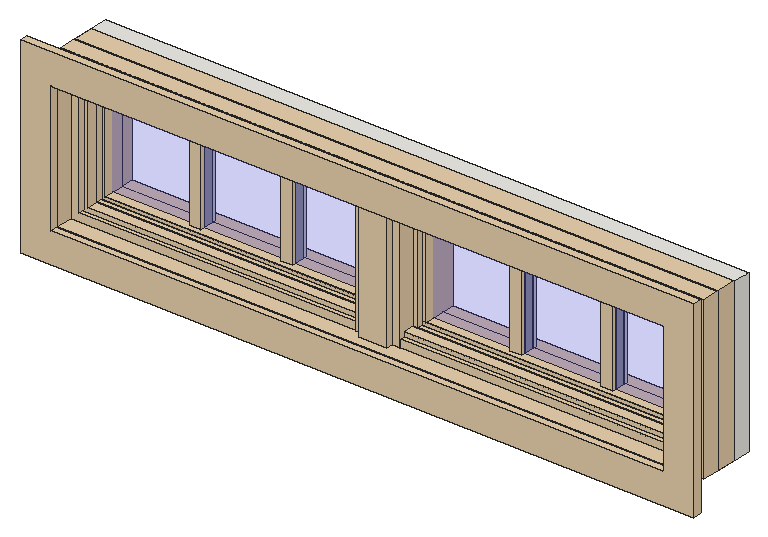
Revit family "1 Window-Transom_Fixed-Andersen-400_Series_Twin", category Windows, host Wall, Revit 2014 (continued)
Dimensions and locks (in)
  aligned and locked: plane 17 "L Casing 4" to Extrusion 7 sketch curve
  aligned and locked: Extrusion 7 sketch curve to plane 22 "R Casing 1"
  aligned and locked: Extrusion 7 sketch curve to plane 27 "R Casing 4"
  aligned and locked: Extrusion 7 sketch curve to plane 41 "B Casing 2"
  aligned and locked: plane 44 "Casing S1" to Extrusion 7
  aligned and locked: plane 47 "Flange" to Extrusion 7
  aligned and locked: plane 8 "L Glazing" to Extrusion 8 sketch curve
  aligned and locked: Extrusion 8 sketch curve to plane 18 "R Glazing"
  aligned and locked: Extrusion 8 to plane 48 "Sash1 S2"
  aligned and locked: Extrusion 5 sketch curve to plane 47 "Flange"
  aligned and locked: host wall to Masking region 7 sketch curve
  aligned and locked: plane 4 "R Frame" to Masking region 7 sketch curve
  aligned and locked: Masking region 7 sketch curve to plane 5 "L Frame"
  aligned and locked: plane 51 "Exterior Offset" to Masking region 7 sketch curve
  aligned and locked: plane 27 "R Casing 4" to Masking region 7 sketch curve
  aligned and locked: Masking region 7 sketch curve to plane 17 "L Casing 4"
  aligned and locked: host wall to curve 8
  aligned and locked: plane 7 "T Frame" to Extrusion 9 sketch curve
  aligned and locked: Extrusion 9 sketch curve to plane 4 "R Frame"
  aligned and locked: Extrusion 9 sketch curve to plane 6 "B Frame"
  aligned and locked: plane 5 "L Frame" to Extrusion 9 sketch curve
  aligned and locked: plane 29 "T Ext Frame" to Extrusion 9 sketch curve
  aligned and locked: Extrusion 9 sketch curve to plane 19 "R Ext Frame"
  aligned and locked: plane 9 "L Ext Frame" to Extrusion 9 sketch curve
  aligned and locked: Extrusion 9 sketch curve to plane 38 "B Ext Frame"
  aligned and locked: plane 46 "Frame S1" to Extrusion 9
  aligned and locked: plane 49 "Frame S2" to Masking region 1 sketch curve
  aligned and locked: Masking region 1 sketch curve to plane 49 "Frame S2"
  aligned and locked: plane 60 "Stop S1" to Masking region 4 sketch curve
  aligned and locked: plane 49 "Frame S2" to Masking region 4 sketch curve
  aligned and locked: Masking region 4 sketch curve to plane 49 "Frame S2"
  aligned and locked: Extrusion 9 to plane 48 "Sash1 S2"
  aligned and locked: plane 61 "T Int Frame" to Extrusion 10 sketch curve
  aligned and locked: plane 63 "L Int Frame" to Extrusion 10 sketch curve
  aligned and locked: Extrusion 10 sketch curve to plane 64 "R Int Frame"
  aligned and locked: Extrusion 10 sketch curve to plane 62 "B Int Frame"
  aligned and locked: Extrusion 10 sketch curve to plane 6 "B Frame"
  aligned and locked: Extrusion 10 sketch curve to plane 4 "R Frame"
  aligned and locked: plane 7 "T Frame" to Extrusion 10 sketch curve
  aligned and locked: plane 5 "L Frame" to Extrusion 10 sketch curve
  aligned and locked: plane 48 "Sash1 S2" to Extrusion 10
  aligned and locked: Extrusion 10 to plane 49 "Frame S2"
  aligned and locked: Extrusion 11 sketch curve to plane 48 "Sash1 S2"
  aligned and locked: Extrusion 11 sketch curve to plane 64 "R Int Frame"
  aligned and locked: plane 60 "Stop S1" to Extrusion 11 sketch curve
  aligned and locked: plane 20 "R Stop" to Extrusion 11 sketch curve
  aligned and locked: plane 10 "L Stop" to Extrusion 11 sketch curve
  aligned and locked: plane 48 "Sash1 S2" to Extrusion 11 sketch curve
  aligned and locked: Extrusion 11 sketch curve to plane 63 "L Int Frame"
  aligned and locked: Extrusion 11 sketch curve to plane 60 "Stop S1"
  aligned and locked: Extrusion 11 to plane 62 "B Int Frame"
  aligned and locked: Extrusion 11 to plane 61 "T Int Frame"
  aligned and locked: Masking region 1 sketch curve to plane 64 "R Int Frame"
  aligned and locked: Masking region 1 sketch curve to plane 63 "L Int Frame"
  aligned and locked: plane 7 "T Frame" to Sweep 12 sketch curve
  aligned and locked: plane 5 "L Frame" to Sweep 12 sketch curve
  aligned and locked: Sweep 12 sketch curve to plane 6 "B Frame"
  aligned and locked: Sweep 12 sketch curve to plane 4 "R Frame"
  aligned and locked: Sweep 12 sketch curve to plane 49 "Frame S2"
  aligned and locked: plane 58 "Xjamb S1" to Extrusion 3
  aligned and locked: host wall to Extrusion 3
  aligned and locked: Masking region 4 sketch curve to plane 61 "T Int Frame"
  aligned and locked: Masking region 4 sketch curve to plane 62 "B Int Frame"
  aligned and locked: plane 4 "R Frame" to curve 72
  aligned and locked: plane 5 "L Frame" to curve 72
  aligned and locked: host wall to curve 72
  aligned and locked: Masking region 8 sketch curve to plane 58 "Xjamb S1"  (x2)
  aligned and locked: Masking region 8 sketch curve to Sweep 12  (x3)
  aligned and locked: Masking region 8 sketch curve to plane 61 "T Int Frame"
  aligned and locked: Masking region 8 sketch curve to plane 60 "Stop S1"
  aligned and locked: Masking region 8 sketch curve to plane 62 "B Int Frame"
  aligned and locked: Masking region 9 sketch curve to plane 32 "T Xjamb 2"
  aligned and locked: plane 58 "Xjamb S1" to Masking region 9 sketch curve  (x2)
  aligned and locked: Masking region 9 sketch curve to plane 61 "T Int Frame"
  aligned and locked: plane 60 "Stop S1" to Masking region 9 sketch curve
  aligned and locked: Masking region 9 sketch curve to plane 62 "B Int Frame"
  aligned and locked: Masking region 9 sketch curve to plane 39 "B Xjamb 2"
  aligned and locked: host wall to Masking region 9 sketch curve
  aligned and locked: host wall to Masking region 10 sketch curve
  aligned and locked: Masking region 10 sketch curve to plane 42 "B Int Casing"
  aligned and locked: plane 52 "Interior Casing" to Masking region 10 sketch curve
  aligned and locked: plane 37 "T Int Casing" to Masking region 10 sketch curve
  aligned and locked: plane 58 "Xjamb S1" to curve 76
  aligned and locked: Sweep 12 to curve 76
  aligned and locked: curve 76 to plane 62 "B Int Frame"
  aligned and locked: plane 58 "Xjamb S1" to curve 77
  aligned and locked: host wall to curve 77
  aligned and locked: curve 77 to plane 50 "B Xjamb 1"
  aligned and locked: plane 52 "Interior Casing" to curve 78
  aligned and locked: plane 50 "B Xjamb 1" to curve 78
  aligned and locked: plane 58 "Xjamb S1" to curve 73
  aligned and locked: Sweep 12 to curve 73
  aligned and locked: curve 73 to plane 61 "T Int Frame"
  aligned and locked: plane 58 "Xjamb S1" to curve 74
  aligned and locked: host wall to curve 74
  aligned and locked: curve 74 to plane 30 "T Xjamb 1"
  aligned and locked: plane 52 "Interior Casing" to curve 75
  aligned and locked: plane 30 "T Xjamb 1" to curve 75
  aligned and locked: Masking region 11 sketch curve to plane 58 "Xjamb S1"  (x2)
  aligned and locked: plane 64 "R Int Frame" to Masking region 11 sketch curve
  aligned and locked: Masking region 11 sketch curve to plane 60 "Stop S1"
  aligned and locked: Masking region 11 sketch curve to plane 63 "L Int Frame"
  aligned and locked: Masking region 11 sketch curve to Sweep 12  (x2)
  aligned and locked: Masking region 12 sketch curve to plane 58 "Xjamb S1"  (x2)
  aligned and locked: plane 64 "R Int Frame" to Masking region 12 sketch curve
  aligned and locked: Masking region 12 sketch curve to plane 60 "Stop S1"
  aligned and locked: Masking region 12 sketch curve to plane 63 "L Int Frame"
  aligned and locked: plane 13 "L Xjamb 2" to Masking region 12 sketch curve
  aligned and locked: Masking region 12 sketch curve to host wall
  aligned and locked: Masking region 12 sketch curve to plane 23 "R Xjamb 2"
  aligned and locked: host wall to Masking region 13 sketch curve
  aligned and locked: plane 43 "L Int Casing" to Masking region 13 sketch curve
  aligned and locked: plane 52 "Interior Casing" to Masking region 13 sketch curve
  aligned and locked: Masking region 13 sketch curve to plane 28 "R Int Casing"
  aligned and locked: plane 58 "Xjamb S1" to curve 82
  aligned and locked: Sweep 12 to curve 82
  aligned and locked: plane 63 "L Int Frame" to curve 82
  aligned and locked: plane 58 "Xjamb S1" to curve 83
  aligned and locked: host wall to curve 83
  aligned and locked: plane 11 "L Xjamb 1" to curve 83
  aligned and locked: plane 52 "Interior Casing" to curve 84
  aligned and locked: plane 11 "L Xjamb 1" to curve 84
  aligned and locked: plane 58 "Xjamb S1" to curve 79
  aligned and locked: Sweep 12 to curve 79
  aligned and locked: plane 64 "R Int Frame" to curve 79
  aligned and locked: plane 58 "Xjamb S1" to curve 80
  aligned and locked: host wall to curve 80
  aligned and locked: plane 21 "R Xjamb 1" to curve 80
  aligned and locked: plane 52 "Interior Casing" to curve 81
  aligned and locked: plane 21 "R Xjamb 1" to curve 81
  aligned and locked: plane 60 "Stop S1" to Masking region 1 sketch curve
  aligned and locked: Extrusion 13 sketch curve to plane 61 "T Int Frame"
  aligned and locked: plane 48 "Sash1 S2" to Extrusion 13 sketch curve  (x2)
  aligned and locked: Extrusion 13 sketch curve to plane 60 "Stop S1"  (x2)
  aligned and locked: Extrusion 13 to plane 63 "L Int Frame"
  aligned and locked: plane 64 "R Int Frame" to Extrusion 13
  aligned and locked: plane 25 "R Casing 2" to curve 4
  aligned and locked: plane 45 "Casing S2" to curve 3
  aligned and locked: plane 26 "R Casing 3" to curve 3
  aligned and locked: plane 44 "Casing S1" to curve 3
  aligned and locked: plane 15 "L Casing 2" to curve 2
  aligned and locked: plane 16 "L Casing 3" to curve 1
  aligned and locked: curve 13 to plane 34 "T Casing 2"
  aligned and locked: curve 12 to plane 35 "T Casing 3"
  aligned and locked: plane 44 "Casing S1" to curve 12
  aligned and locked: plane 6 "B Frame" to Extrusion 5 sketch curve
  aligned and locked: Masking region 6 sketch curve to cut or joined group of Extrusion 5, Sweep 6
  aligned and locked: Extrusion 7 sketch curve to plane 6 "B Frame"
  aligned and locked: plane 44 "Casing S1" to curve 15
  aligned and locked: plane 44 "Casing S1" to curve 16
  aligned and locked: plane 44 "Casing S1" to curve 110
  aligned and locked: plane 47 "Flange" to curve 110
  aligned and locked: plane 49 "Frame S2" to curve 111
  aligned and locked: plane 44 "Casing S1" to curve 108
  aligned and locked: plane 47 "Flange" to curve 108
  aligned and locked: plane 49 "Frame S2" to curve 109
  aligned and locked: plane 17 "L Casing 4" to curve 110
  aligned and locked: plane 5 "L Frame" to curve 111
  aligned and locked: plane 27 "R Casing 4" to curve 108
  aligned and locked: plane 4 "R Frame" to curve 109
  aligned and locked: plane 47 "Flange" to curve 112
  aligned and locked: curve 112 to plane 36 "T Casing 4"
  aligned and locked: plane 46 "Frame S1" to curve 113
  aligned and locked: plane 49 "Frame S2" to curve 113
  aligned and locked: curve 113 to plane 7 "T Frame"
  aligned and locked: plane 44 "Casing S1" to curve 114
  aligned and locked: plane 47 "Flange" to curve 114
  aligned and locked: curve 114 to plane 41 "B Casing 2"
  aligned and locked: plane 46 "Frame S1" to curve 115
  aligned and locked: plane 49 "Frame S2" to curve 115
  aligned and locked: curve 115 to plane 6 "B Frame"
  aligned and locked: plane 47 "Flange" to curve 109
  aligned and locked: plane 47 "Flange" to curve 111
  aligned and locked: curve 158 to plane 6 "B Frame"
  aligned and locked: curve 158 to plane 47 "Flange"
  aligned and locked: curve 65 to plane 7 "T Frame"
  aligned and locked: plane 47 "Flange" to curve 65
  aligned and locked: plane 4 "R Frame" to curve 17
  aligned and locked: plane 47 "Flange" to curve 17
  aligned and locked: plane 5 "L Frame" to curve 39
  aligned and locked: curve 39 to plane 47 "Flange"
  aligned and locked: plane 60 "Stop S1" to curve 6
  aligned and locked: plane 60 "Stop S1" to curve 7
  aligned and locked: plane 45 "Casing S2" to curve 164
  aligned and locked: plane 46 "Frame S1" to curve 164
  aligned and locked: curve 9 to plane 8 "L Glazing"
  aligned and locked: curve 8 to plane 18 "R Glazing"
  aligned and locked: Extrusion 13 sketch curve to plane 65 "T Stop"
  aligned and locked: plane 66 "B Stop" to Extrusion 13 sketch curve
  aligned and locked: Extrusion 13 sketch curve to plane 62 "B Int Frame"
  aligned and locked: Sweep 14 sketch curve to plane 7 "T Frame"
  aligned and locked: Sweep 14 sketch curve to plane 5 "L Frame"  (x2)
  aligned and locked: plane 4 "R Frame" to Sweep 14 sketch curve
  aligned and locked: plane 6 "B Frame" to Sweep 14 sketch curve
  aligned and locked: plane 8 "L Glazing" to Sweep 14 sketch curve
  aligned and locked: Sweep 14 sketch curve to plane 49 "Frame S2"
  aligned and locked: plane 10 "L Stop" to Sweep 14 sketch curve
  aligned and locked: Sweep 14 sketch curve to plane 48 "Sash1 S2"
  aligned and locked: plane 38 "B Ext Frame" to nested 1
  aligned and locked: plane 9 "L Ext Frame" to nested 1
  aligned and locked: nested 1 to plane 48 "Sash1 S2"
  aligned and locked: nested 2 to plane 48 "Sash1 S2"
  aligned and locked: plane 38 "B Ext Frame" to nested 2
  aligned and locked: plane 19 "R Ext Frame" to nested 2
  aligned and locked: plane 38 "B Ext Frame" to Extrusion 15
  aligned and locked: plane 62 "B Int Frame" to Extrusion 16
  aligned and locked: Extrusion 15 to plane 29 "T Ext Frame"
  aligned and locked: Extrusion 16 to plane 61 "T Int Frame"
  aligned and locked: plane 46 "Frame S1" to curve 205
  aligned and locked: plane 46 "Frame S1" to Extrusion 15
  aligned and locked: Extrusion 16 to plane 60 "Stop S1"  (x2)
  aligned and locked: plane 48 "Sash1 S2" to Extrusion 16
  aligned and locked: plane 46 "Frame S1" to curve 281
  aligned and locked: plane 59 "Sash1 S1" to curve 281
  aligned and locked: plane 19 "R Ext Frame" to curve 281
  aligned and locked: plane 19 "R Ext Frame" to curve 282
  aligned and locked: plane 59 "Sash1 S1" to curve 6
  aligned and locked: plane 18 "R Glazing" to curve 282
  aligned and locked: plane 46 "Frame S1" to curve 284
  aligned and locked: plane 9 "L Ext Frame" to curve 284
  aligned and locked: plane 59 "Sash1 S1" to curve 7
  aligned and locked: plane 9 "L Ext Frame" to curve 283
  aligned and locked: plane 8 "L Glazing" to curve 283
  aligned and locked: plane 59 "Sash1 S1" to curve 283
Automatic sketch dimensions
  curve 15 to curve 15 = 0' - 0 3/16"
  Sweep 12 sketch curve to profile plane = 0' - 0"
  curve 104 to curve 52 = 0' - 0.655"
  curve 52 to curve 58 = 0' - 0 7/16"
  curve 53 to curve 54 = 0' - 0 11/16"
  curve 54 to curve 64 = 0' - 0 7/8"
  curve 64 to curve 62 = 0' - 0 5/8"
  curve 62 to curve 56 = 0' - 0 1/4"
  curve 56 to curve 56 = 0' - 0 1/8"
  curve 107 to curve 104 = 0' - 0.595"
  curve 51 to curve 51 = 0' - 0.193"
  curve 54 to curve 60 = 0' - 0 1/8"
  curve 61 to curve 63 = 0' - 0 1/8"
  curve 65 to curve 50 = 0' - 0 7/8"
  curve 55 to curve 50 = 0' - 0.312"
  curve 54 to curve 64 = 0' - 0"
  curve 63 to curve 62 = 0' - 0.11677"
  curve 54 to curve 58 = 0' - 0.11677"
  curve 53 to curve 106 = 0' - 0.13323"
  curve 62 to curve 103 = 0' - 0 7/16"
  curve 52 to curve 107 = 0' - 0 5/16"
  curve 62 to curve 55 = 0' - 0.07073"
  curve 62 to curve 64 = 0' - 0.33573"
  curve 104 to curve 105 = 0' - 0.235"
  curve 55 to curve 55 = 0' - 1"
  curve 56 to curve 57 = 0' - 0 1/16"
  curve 59 to curve 63 = 0' - 0"
  curve 60 to curve 54 = 0' - 0"
  curve 54 to curve 61 = 0' - 0 1/8"
  curve 50 to curve 65 = 0' - 0 9/16"
  curve 65 to curve 65 = 0' - 1 5/8"
  curve 133 to curve 118 = 0' - 0.655"
  curve 118 to curve 124 = 0' - 0 7/16"
  curve 119 to curve 120 = 0' - 0 11/16"
  curve 120 to curve 130 = 0' - 0 7/8"
  curve 130 to curve 128 = 0' - 0 5/8"
  curve 128 to curve 122 = 0' - 0 1/4"
  curve 122 to curve 122 = 0' - 0 1/8"
  curve 136 to curve 133 = 0' - 0.595"
  curve 117 to curve 117 = 0' - 0.193"
  curve 120 to curve 126 = 0' - 0 1/8"
  curve 127 to curve 129 = 0' - 0 1/8"
  curve 131 to curve 116 = 0' - 0 7/8"
  curve 121 to curve 116 = 0' - 0.312"
  curve 120 to curve 130 = 0' - 0"
  curve 129 to curve 128 = 0' - 0.11677"
  curve 120 to curve 124 = 0' - 0.11677"
  curve 119 to curve 135 = 0' - 0.13323"
  curve 128 to curve 132 = 0' - 0 7/16"
  curve 118 to curve 136 = 0' - 0 5/16"
  curve 128 to curve 121 = 0' - 0.07073"
  curve 128 to curve 130 = 0' - 0.33573"
  curve 133 to curve 134 = 0' - 0.235"
  curve 121 to curve 121 = 0' - 1"
  curve 122 to curve 123 = 0' - 0 1/16"
  curve 125 to curve 129 = 0' - 0"
  curve 126 to curve 120 = 0' - 0"
  curve 120 to curve 127 = 0' - 0 1/8"
  curve 116 to curve 131 = 0' - 0 9/16"
  curve 131 to curve 131 = 0' - 1 5/8"
  curve 160 to curve 145 = 0' - 0.655"
  curve 145 to curve 151 = 0' - 0 7/16"
  curve 146 to curve 147 = 0' - 0 11/16"
  curve 147 to curve 157 = 0' - 0 7/8"
  curve 157 to curve 155 = 0' - 0 5/8"
  curve 155 to curve 149 = 0' - 0 1/4"
  curve 149 to curve 149 = 0' - 0 1/8"
  curve 163 to curve 160 = 0' - 0.595"
  curve 144 to curve 144 = 0' - 0.193"
  curve 147 to curve 153 = 0' - 0 1/8"
  curve 154 to curve 156 = 0' - 0 1/8"
  curve 158 to curve 143 = 0' - 0 7/8"
  curve 148 to curve 143 = 0' - 0.312"
  curve 147 to curve 157 = 0' - 0"
  curve 155 to curve 156 = 0' - 0.11677"
  curve 151 to curve 147 = 0' - 0.11677"
  curve 162 to curve 146 = 0' - 0.13323"
  curve 159 to curve 155 = 0' - 0 7/16"
  curve 163 to curve 145 = 0' - 0 5/16"
  curve 148 to curve 155 = 0' - 0.07073"
  curve 157 to curve 155 = 0' - 0.33573"
  curve 161 to curve 160 = 0' - 0.235"
  curve 148 to curve 148 = 0' - 1"
  curve 150 to curve 149 = 0' - 0 1/16"
  curve 152 to curve 156 = 0' - 0"
  curve 153 to curve 147 = 0' - 0"
  curve 154 to curve 147 = 0' - 0 1/8"
  curve 158 to curve 143 = 0' - 0 9/16"
  curve 158 to curve 158 = 0' - 1 5/8"
  curve 85 to curve 20 = 0' - 0.08"
  curve 19 to curve 140 = 0' - 0.4665"
  curve 19 to curve 137 = 0' - 0.7325"
  curve 88 to curve 67 = 0' - 0 5/16"
  curve 21 to curve 20 = 0' - 0.31933"
  curve 20 to curve 86 = 0' - 0.05314"
  curve 66 to curve 18 = 0' - 0 5/16"
  curve 86 to curve 86 = 0' - 0.43976"
  curve 18 to curve 22 = 0' - 0 1/4"
  curve 31 to curve 21 = 0' - 0.06277"
  curve 17 to curve 85 = 0' - 2 1/16"
  curve 17 to curve 85 = 0' - 0 9/16"
  curve 35 to curve 21 = 0' - 0 1/8"
  curve 18 to curve 87 = 0' - 0.18723"
  curve 35 to curve 33 = 0' - 0 1/8"
  curve 35 to curve 34 = 0' - 0 1/8"
  curve 88 to curve 67 = 0' - 0 21/32"
  curve 18 to curve 22 = 0' - 1 1/8"
  curve 22 to curve 21 = 0' - 0 7/8"
  curve 21 to curve 86 = 0' - 0 5/8"
  curve 21 to curve 97 = 0' - 0 7/8"
  curve 86 to curve 20 = 0' - 0 3/8"
  curve 67 to curve 88 = 0' - 0 19/32"
  curve 140 to curve 88 = 0' - 0.19175"
  curve 23 to curve 22 = 0' - 0 11/16"
  curve 22 to curve 34 = 0' - 0 1/8"
  curve 33 to curve 21 = 0' - 0 1/8"
  curve 17 to curve 85 = 0' - 0 7/8"
  curve 19 to curve 97 = 0' - 0.312"
  curve 89 to curve 27 = 0' - 0.08"
  curve 26 to curve 141 = 0' - 0.4665"
  curve 26 to curve 138 = 0' - 0.7325"
  curve 92 to curve 69 = 0' - 0 5/16"
  curve 28 to curve 27 = 0' - 0.31933"
  curve 27 to curve 90 = 0' - 0.05314"
  curve 68 to curve 25 = 0' - 0 5/16"
  curve 90 to curve 90 = 0' - 0.43976"
  curve 25 to curve 29 = 0' - 0 1/4"
  curve 32 to curve 28 = 0' - 0.06277"
  curve 24 to curve 89 = 0' - 2 1/16"
  curve 24 to curve 89 = 0' - 0 9/16"
  curve 38 to curve 28 = 0' - 0 1/8"
  curve 25 to curve 91 = 0' - 0.18723"
  curve 38 to curve 36 = 0' - 0 1/8"
  curve 38 to curve 37 = 0' - 0 1/8"
  curve 92 to curve 69 = 0' - 0 21/32"
  curve 25 to curve 29 = 0' - 1 1/8"
  curve 29 to curve 28 = 0' - 0 7/8"
  curve 28 to curve 90 = 0' - 0 5/8"
  curve 28 to curve 98 = 0' - 0 7/8"
  curve 90 to curve 27 = 0' - 0 3/8"
  curve 69 to curve 92 = 0' - 0 19/32"
  curve 141 to curve 92 = 0' - 0.19175"
  curve 30 to curve 29 = 0' - 0 11/16"
  curve 29 to curve 37 = 0' - 0 1/8"
  curve 36 to curve 28 = 0' - 0 1/8"
  curve 24 to curve 89 = 0' - 0 7/8"
  curve 26 to curve 98 = 0' - 0.312"
  curve 93 to curve 42 = 0' - 0.08"
  curve 41 to curve 142 = 0' - 0.4665"
  curve 41 to curve 139 = 0' - 0.7325"
  curve 96 to curve 71 = 0' - 0 5/16"
  curve 43 to curve 42 = 0' - 0.31933"
  curve 42 to curve 94 = 0' - 0.05314"
  curve 70 to curve 40 = 0' - 0 5/16"
  curve 94 to curve 94 = 0' - 0.43976"
  curve 40 to curve 44 = 0' - 0 1/4"
  curve 46 to curve 43 = 0' - 0.06277"
  curve 39 to curve 93 = 0' - 2 1/16"
  curve 39 to curve 93 = 0' - 0 9/16"
  curve 49 to curve 43 = 0' - 0 1/8"
  curve 40 to curve 95 = 0' - 0.18723"
  curve 49 to curve 47 = 0' - 0 1/8"
  curve 49 to curve 48 = 0' - 0 1/8"
  curve 71 to curve 96 = 0' - 0 21/32"
  curve 44 to curve 40 = 0' - 1 1/8"
  curve 43 to curve 44 = 0' - 0 7/8"
  curve 94 to curve 43 = 0' - 0 5/8"
  curve 99 to curve 43 = 0' - 0 7/8"
  curve 42 to curve 94 = 0' - 0 3/8"
  curve 96 to curve 71 = 0' - 0 19/32"
  curve 96 to curve 142 = 0' - 0.19175"
  curve 44 to curve 45 = 0' - 0 11/16"
  curve 48 to curve 44 = 0' - 0 1/8"
  curve 43 to curve 47 = 0' - 0 1/8"
  curve 93 to curve 39 = 0' - 0 7/8"
  curve 99 to curve 41 = 0' - 0.312"
  curve 177 to curve 167 = 0' - 0.14841"
  curve 166 to curve 184 = 0' - 3.56193"
  curve 166 to curve 183 = 0' - 1.14113"
  curve 180 to curve 176 = 0' - 0.72686"  (x2)
  curve 168 to curve 167 = 0' - 1.04975"
  curve 167 to curve 178 = 0' - 0.37875"
  curve 175 to curve 165 = 0' - 0 5/16"  (x2)
  curve 178 to curve 178 = 0' - 0.43976"
  curve 165 to curve 169 = 0' - 0.73154"
  curve 171 to curve 168 = 0' - 0.62814"
  curve 174 to curve 168 = 0' - 0.17678"
  curve 165 to curve 179 = 0' - 0.18723"
  curve 174 to curve 172 = 0' - 0.12691"
  curve 174 to curve 173 = 0' - 0.12691"  (x2)
  curve 165 to curve 169 = 0' - 1.15244"
  curve 169 to curve 168 = 0' - 0 7/8"  (x2)
  curve 168 to curve 178 = 0' - 0.72757"
  curve 168 to curve 181 = 0' - 1.19406"
  curve 178 to curve 167 = 0' - 0.37875"
  curve 176 to curve 180 = 0' - 0.67097"
  curve 184 to curve 180 = 0' - 1.11175"
  curve 170 to curve 169 = 0' - 0.69036"
  curve 169 to curve 173 = 0' - 0 1/8"  (x2)
  curve 172 to curve 168 = 0' - 0 1/8"  (x2)
  curve 166 to curve 181 = 0' - 0.32209"
  curve 188 to curve 189 = 0' - 0"
  curve 190 to curve 199 = 0' - 0.06277"
  curve 188 to curve 198 = 0' - 0.06277"
  curve 190 to curve 185 = 0' - 0.18723"
  curve 191 to curve 202 = 0' - 0.43976"
  curve 202 to curve 202 = 0' - 0.05314"
  curve 185 to curve 196 = 0' - 0 5/16"
  curve 206 to curve 203 = 0' - 0 5/16"
  curve 196 to curve 208 = 0' - 0.5785"
  curve 187 to curve 197 = 0' - 1.05183"
  curve 186 to curve 205 = 0' - 0.08"
  curve 201 to curve 181 = 0' - 1.004"
  curve 181 to curve 177 = 0' - 0.08"
  curve 204 to curve 184 = 0' - 2.097"
  curve 180 to curve 183 = 0' - 0.266"
  curve 168 to curve 167 = 0' - 0.31933"
  curve 167 to curve 178 = 0' - 0.05314"
  curve 178 to curve 171 = 0' - 0.43976"
  curve 165 to curve 170 = 0' - 0.18723"
  curve 170 to curve 170 = 0' - 0.06277"
  curve 171 to curve 168 = 0' - 0.06277"
  curve 204 to curve 196 = 0' - 0.518"
  curve 184 to curve 207 = 0' - 0.518"
  curve 207 to curve 184 = 0' - 0 19/32"
  curve 206 to curve 204 = 0' - 0 19/32"
  curve 200 to curve 195 = 0' - 0 21/32"
  curve 180 to curve 176 = 0' - 0 21/32"
  curve 195 to curve 199 = 0' - 0 7/16"
  curve 175 to curve 170 = 0' - 0 7/16"
  curve 170 to curve 170 = 0' - 0 11/16"
  curve 190 to curve 190 = 0' - 0 11/16"
  curve 189 to curve 203 = 0' - 0 7/8"
  curve 188 to curve 198 = 0' - 0 5/8"
  curve 168 to curve 171 = 0' - 0 5/8"
  curve 182 to curve 177 = 0' - 0 1/4"
  curve 201 to curve 177 = 0' - 0"
  curve 186 to curve 186 = 0' - 0 1/8"
  curve 166 to curve 166 = 0' - 0 1/8"
  curve 186 to curve 201 = 0' - 0.312"
  curve 193 to curve 189 = 0' - 0.00191"
  curve 193 to curve 194 = 0' - 0.12691"
  curve 174 to curve 169 = 0' - 0 1/8"
  curve 171 to curve 172 = 0' - 0.00191"
  curve 207 to curve 209 = 0' - 0.1695"
  curve 264 to curve 209 = 0' - 0"
  curve 189 to curve 194 = 0' - 0 1/8"
  curve 194 to curve 191 = 0' - 0 1/8"
  curve 256 to curve 201 = 0' - 0.00191"
  curve 265 to curve 206 = 0' - 0"
  curve 261 to curve 207 = 0' - 0"
  curve 186 to curve 256 = 0' - 0"
  curve 258 to curve 166 = 0' - 0"
  curve 233 to curve 234 = 0' - 0"
  curve 235 to curve 244 = 0' - 0.06277"
  curve 233 to curve 243 = 0' - 0.06277"
  curve 235 to curve 230 = 0' - 0.18723"
  curve 236 to curve 247 = 0' - 0.43976"
  curve 247 to curve 247 = 0' - 0.05314"
  curve 230 to curve 241 = 0' - 0 5/16"
  curve 251 to curve 248 = 0' - 0 5/16"
  curve 241 to curve 253 = 0' - 0.5785"
  curve 232 to curve 242 = 0' - 1.05183"
  curve 231 to curve 250 = 0' - 0.08"
  curve 246 to curve 226 = 0' - 1.004"
  curve 226 to curve 222 = 0' - 0.08"
  curve 249 to curve 229 = 0' - 2.097"
  curve 225 to curve 228 = 0' - 0.266"
  curve 213 to curve 212 = 0' - 0.31933"
  curve 212 to curve 223 = 0' - 0.05314"
  curve 220 to curve 210 = 0' - 0 5/16"
  curve 223 to curve 216 = 0' - 0.43976"
  curve 210 to curve 215 = 0' - 0.18723"
  curve 215 to curve 215 = 0' - 0.06277"
  curve 216 to curve 213 = 0' - 0.06277"
  curve 249 to curve 241 = 0' - 0.518"
  curve 229 to curve 252 = 0' - 0.518"
  curve 252 to curve 229 = 0' - 0 19/32"
  curve 251 to curve 249 = 0' - 0 19/32"
  curve 245 to curve 240 = 0' - 0 21/32"
  curve 225 to curve 221 = 0' - 0 21/32"
  curve 240 to curve 244 = 0' - 0 7/16"
  curve 220 to curve 215 = 0' - 0 7/16"
  curve 215 to curve 215 = 0' - 0 11/16"
  curve 235 to curve 235 = 0' - 0 11/16"
  curve 214 to curve 213 = 0' - 0 7/8"
  curve 234 to curve 248 = 0' - 0 7/8"
  curve 233 to curve 243 = 0' - 0 5/8"
  curve 213 to curve 216 = 0' - 0 5/8"
  curve 227 to curve 222 = 0' - 0 1/4"
  curve 246 to curve 222 = 0' - 0"
  curve 231 to curve 231 = 0' - 0 1/8"
  curve 211 to curve 211 = 0' - 0 1/8"
  curve 231 to curve 246 = 0' - 0.312"
  curve 238 to curve 234 = 0' - 0.00191"
  curve 238 to curve 239 = 0' - 0.12691"
  curve 219 to curve 214 = 0' - 0 1/8"
  curve 219 to curve 218 = 0' - 0.12691"
  curve 216 to curve 217 = 0' - 0.00191"
  curve 252 to curve 254 = 0' - 0.1695"
  curve 277 to curve 254 = 0' - 0"
  curve 234 to curve 239 = 0' - 0 1/8"
  curve 214 to curve 218 = 0' - 0 1/8"
  curve 217 to curve 213 = 0' - 0 1/8"
  curve 239 to curve 236 = 0' - 0 1/8"
  curve 269 to curve 246 = 0' - 0.00191"
  curve 278 to curve 251 = 0' - 0"
  curve 274 to curve 252 = 0' - 0"
  curve 231 to curve 269 = 0' - 0"
  curve 271 to curve 211 = 0' - 0"
  curve 112 to plane 44 "Casing S1" = 0' - 0"
  plane 9 "L Ext Frame" to Extrusion 8 sketch curve = 0' - 0.0175"
  Extrusion 8 sketch curve to plane 19 "R Ext Frame" = 0' - 0.0175"
  Extrusion 8 sketch curve to plane 38 "B Ext Frame" = 0' - 0.18664"
  Extrusion 8 sketch curve to plane 66 "B Stop" = 0' - 0 1/4"
  plane 65 "T Stop" to Extrusion 8 sketch curve = 0' - 0 1/4"
  plane 29 "T Ext Frame" to Extrusion 8 sketch curve = 0' - 0.18689"
  Sweep 14 sketch curve to plane 47 "Flange" = 0' - 0"
  Extrusion 15 sketch curve to plane 46 "Frame S1" = 0' - 0"
  Extrusion 15 sketch curve to plane 3 "Center (Left/Right)" = 0' - 0.502"
  host wall to Extrusion 16 sketch curve = 0' - 0"
  Extrusion 16 sketch curve to plane 3 "Center (Left/Right)" = 0' - 1.9395"
  curve 15 to plane 4 "R Frame" = 0' - 0"
  curve 15 to plane 46 "Frame S1" = 0' - 0"
  curve 16 to plane 46 "Frame S1" = 0' - 0"
  curve 5 to plane 22 "R Casing 1" = 0' - 0"
  curve 5 to plane 46 "Frame S1" = 0' - 0"
  host wall to curve 9 = 0' - 0"
  curve 164 to plane 12 "L Casing 1" = 0' - 0"
Nested families (in)
  nested 1: "Andersen_Sash_Panel" at (23.4375, 19.02623, 70.81311) x (-1, 0, 0) z (0, 0, 1), type "Andersen_Sash_Panel"
    with Material_Top_Setback 0' - 0 1/32", Material_Right_Setback 0' - 0 1/32", Material_Left_Setback 0' - 0 1/32", Material_Bottom_Setback 0' - 0 1/32", SingleVertLocation 0' - 9.7793", SingleHorzLocation 0' - 3 3/4", Panel_Width 1' - 10 239/256", Panel_Height 0' - 10 7/8", MultipleHorBarVisibility no, LightsHigh 1, DLOVertical 0' - 4", DLOHorizontal 0' - 5.9362", BottomBarLocation 0' - 3 5/16", BarLengthVertical 0' - 7 1/2", BarLengthHorizontal 1' - 7 143/256", - Lights High 1
  nested 2: "Andersen_Sash_Panel" at (-0.50391, 19.02623, 70.81311) x (-1, 0, 0) z (0, 0, 1), type "Andersen_Sash_Panel"
    with Material_Top_Setback 0' - 0 1/32", Material_Right_Setback 0' - 0 1/32", Material_Left_Setback 0' - 0 1/32", Material_Bottom_Setback 0' - 0 1/32", SingleVertLocation 0' - 9.7793", SingleHorzLocation 0' - 3 3/4", Panel_Width 1' - 10 239/256", Panel_Height 0' - 10 7/8", MultipleHorBarVisibility no, LightsHigh 1, DLOVertical 0' - 4", DLOHorizontal 0' - 5.9362", BottomBarLocation 0' - 3 5/16", BarLengthVertical 0' - 7 1/2", BarLengthHorizontal 1' - 7 143/256", - Lights High 1
Definition of nested family "Andersen_Sash_Panel"
  Parameters (values of type "Andersen_Sash_Panel")
    VertBarQuantity = if(LightsWide < 3, 2, LightsWide - 1)  # 2
    TFL = if(Fractional_Lights_High > 5, 3, if(or(Fractional_Lights_High = 4, Fractional_Lights_High = 5), 2, if(or(Fractional_Lights_High = 2, Fractional_Lights_High = 3), 1, 1)))  # 2
    TFB = TFL - 1  # 1
    Stile_Right = 0' - 1 11/16"
    Stile_Left = 0' - 1 11/16"
    StandardLightsHigh = 3
    SingleVertLocation = (Panel_Width - Stile_Right - Stile_Left) / 2  # 1' - 3 3/4"
    SingleVertBarVisibility = LightsWide = 2  # no
    SingleHorzLocation = (BarLengthVertical) / 2  # 1' - 3 3/4"
    SingleHorBarVisibility = or(or(or(and(LightsHigh = 2, PatternNumber = 1), and(PatternNumber = 4, Fractional_Lights_High > 1)), and(PatternNumber = 5, Fractional_Lights_High > 1)), and(PatternNumber = 2, Fractional_Lights_High > 1))  # no
    S H Fractional = and(PatternNumber = 2, or(Fractional_Lights_High = 4, Fractional_Lights_High = 5))  # no
    Rail_Top = 0' - 1 11/16"
    Rail_Bottom = 0' - 1 11/16"
    PatternNumber = 1
    Panel_Width = 2' - 10 7/8"
    Panel_Thickness = 0' - 2 9/16"
    Panel_Height = 2' - 10 7/8"
    MultipleVertBar Visibility = and(not(PatternNumber = 0), LightsWide > 2)  # yes
    MultipleHorBarVisibility = or(or(PatternNumber = 3, and(LightsHigh > 2, PatternNumber = 1)), and(PatternNumber = 2, Fractional_Lights_High > 5))  # yes
    Material_Top_Setback [instance] = 0' - 0 1/32"
    Material_Right_Setback [instance] = 0' - 0 1/32"
    Material_Left_Setback [instance] = 0' - 0 1/32"
    Material_Interior = Wood - Andersen - Pine
    Material_Exterior = Vinyl - Andersen - White
    Material_Bottom_Setback [instance] = 0' - 0 1/32"
    LightsWide = if(PatternNumber = 3, 3, [- Lights Wide])  # 3
    LightsHigh = if(PatternNumber = 2, [- Lights High] - 1, if(PatternNumber = 3, 3, [- Lights High]))  # 3
    Interior Bar Thickness = 0' - 0 23/64"
    HorBarQuantity = if(LightsHigh < 3, 2, LightsHigh - 1)  # 2
    GrilleBarSizeInt = 4
    GrilleBarSize = 0' - 0 7/8"
    Glazing = Glass ‐ Andersen - Low-E4 SmartSun
    Glass SetBack = 0' - 1"
    Glass Pane Thickness = 0' - 0 1/8"
    Glass OA Thickness = 0' - 0 7/8"
    Fractional_Lights_Wide = 3
    Fractional_Lights_High = 5
    Exterior Bar Thickness = 0' - 0 77/256"
    DLOVertical = if(PatternNumber = 1, if(LightsHigh > 2, ((BarLengthVertical - (GrilleBarSize * (LightsHigh - 1))) / LightsHigh), 0' 4"), if(PatternNumber = 3, 0' 4", if(Fractional_Lights_High > 2, ((BarLengthVertical - (GrilleBarSize * 2)) / 3), 0' 4")))  # 0' - 9.91667"
    DLOHorizontal = if(PatternNumber = 3, 0' 4", ((Panel_Width - Stile_Right - Stile_Left) - (GrilleBarSize * VertBarQuantity)) / if(LightsWide > 2, LightsWide, 3))  # 0' - 9.91667"
    BottomBarVisibility = and(PatternNumber = 2, or(Fractional_Lights_High = 4, Fractional_Lights_High = 5))  # no
    BottomBarLocation = if(PatternNumber = 1, ((Panel_Height - Rail_Top - Rail_Bottom) / 2) - (GrilleBarSize / 2), BarLengthVertical)  # 1' - 3 5/16"
    Between Glass Grille Bar Color = Stainless Steel - Andersen - Standard
    BarLengthVertical = if(or(PatternNumber = 5, PatternNumber = 2), ((((Panel_Height - Rail_Top - Rail_Bottom - (GrilleBarSize * (Fractional_Lights_High - 1))) / Fractional_Lights_High)) * TFL) + (TFB * GrilleBarSize) + Rail_Top, if(PatternNumber = 4, ((Panel_Height - Rail_Top - Rail_Bottom - (GrilleBarSize * (Fractional_Lights_High - 1))) / Fractional_Lights_High), Panel_Height - Rail_Top - Rail_Bottom))  # 2' - 7 1/2"
    BarLengthHorizontal = Panel_Width - Stile_Right - Stile_Left  # 2' - 7 1/2"
    BarIntVisibility = yes
    BarExtVisibility = yes
    BarBetweenGlassVisibility = yes
    Analytic Construction = "<None>"
    - Lights Wide = 3
    - Lights High = 3
  Reference planes (in)
    plane 1 "Front": y = 0
    plane 2 "Bottom": z = 0
    plane 3 "Left": x = 0
    plane 4 "Top": z = 34.875
    plane 5 "Right": x = 34.875
    plane 6 "Glazing Left": x = 1.6875
    plane 7 "Glazing Bottom": z = 1.6875
    plane 8 "Glazing Right": x = 33.1875
    plane 9 "Glazing Top": z = 33.1875
    plane 10 "GlazingA": y = 1
    plane 11 "GlazingB": y = 1.875
    plane 12 "Back": y = 2.5625
    plane 13: z = 1.6875
  Forms (in)
    Extrusion 1, solid, material "Wood - Andersen - Pine" <- "Material_Interior"
      sketch origin (0, 0, 0) x (1, 0, 0) y (0, 0, 1)
        loop
          line (0, 34.875) -> (0, 0) -> (34.875, 0) -> (34.875, 34.875) -> (0, 34.875)
        loop
          line (1.6875, 33.1875) -> (1.6875, 1.6875) -> (33.1875, 1.6875) -> (33.1875, 33.1875) -> (1.6875, 33.1875)
      from -2.5625 to 0
    Extrusion 2, solid, material "Glass ‐ Andersen - Low-E4 SmartSun" <- "Glazing"
      sketch origin (0, 0, 0) x (1, 0, 0) y (0, 0, 1)
        loop
          line (1.6875, 33.1875) -> (1.6875, 1.6875) -> (33.1875, 1.6875) -> (33.1875, 33.1875) -> (1.6875, 33.1875)
      from -1.875 to -1
  Lines and regions (in)
    Split face 1
      outline origin (0, 0, 34.875) x (1, 0, 0) y (0, 1, 0)
        loop
          line (0, 0.03125) -> (34.875, 0.03125)
    Split face 2
      outline origin (34.875, 0, 34.875) x (0, 0, -1) y (0, 1, 0)
        loop
          line (0, 0.03125) -> (34.875, 0.03125)
    Split face 3
      outline origin (0, 0, 0) x (0, 0, 1) y (0, 1, 0)
        loop
          line (34.875, 0.03125) -> (0, 0.03125)
    Split face 4
      outline origin (34.875, 0, 0) x (0, 1, 0) y (-1, 0, 0)
        loop
          line (0.03125, 34.875) -> (0.03125, 0)
    Split face 5
      outline origin (33.1875, 0.625, 1.6875) x (-1, 0, 0) y (0, -1, 0)
        loop
          line (31.5, -0.375) -> (0, -0.375)
        loop
          line (31.5, -1.25) -> (0, -1.25)
    Split face 6
      outline origin (1.6875, 0, 1.6875) x (0, 0, 1) y (0, -1, 0)
        loop
          line (0, -1) -> (31.5, -1)
        loop
          line (31.5, -1.875) -> (0, -1.875)
    Split face 7
      outline origin (33.1875, 0, 33.1875) x (0, 0, -1) y (0, -1, 0)
        loop
          line (31.5, -1) -> (0, -1)
        loop
          line (0, -1.875) -> (31.5, -1.875)
    Split face 8
      outline origin (1.6875, 0, 33.1875) x (0, -1, 0) y (1, 0, 0)
        loop
          line (-1, 0) -> (-1, 31.5)
        loop
          line (-1.875, 0) -> (-1.875, 31.5)
    symbolic lines, style "WindowsGlassProjection", detail levels medium+fine
      curve 1: line (1.6875, 1, 0) -> (33.1875, 1, 0)
      curve 2: line (1.6875, 1.875, 0) -> (33.1875, 1.875, 0)
    symbolic lines, style "WindowsGlassProjection"
      curve 3: line (0, 1, 33.1875) -> (0, 1, 1.6875)
      curve 4: line (0, 1.875, 33.1875) -> (0, 1.875, 1.6875)
    symbolic lines, style "WindowsGlassProjection", detail levels fine
      curve 5: line (1.6875, 1.125, 0) -> (33.1875, 1.125, 0)
      curve 6: line (1.6875, 1.75, 0) -> (33.1875, 1.75, 0)
      curve 7: line (0, 1.75, 33.1875) -> (0, 1.75, 1.6875)
      curve 8: line (0, 1.125, 33.1875) -> (0, 1.125, 1.6875)
  Dimensions and locks (in)
    "Panel_Width": plane 5 "Right" to plane 3 "Left"
    "Panel_Height": plane 4 "Top" to plane 2 "Bottom"
    "Stile_Left": plane 6 "Glazing Left" to plane 3 "Left"
    "Stile_Right": plane 5 "Right" to plane 8 "Glazing Right"
    "Rail_Bottom": plane 7 "Glazing Bottom" to plane 2 "Bottom"
    "Rail_Top": plane 4 "Top" to plane 9 "Glazing Top"
    "Panel_Thickness": plane 1 "Front" to plane 12 "Back"
    "Material_Top_Setback": Extrusion 1 to Split face 1 sketch curve
    "Material_Right_Setback": Extrusion 1 to Split face 2 sketch curve
    "Material_Left_Setback": Split face 3 sketch curve to Extrusion 1
    "Material_Bottom_Setback": Extrusion 1 to Split face 4 sketch curve
    "BarLengthVertical": plane 9 "Glazing Top" to plane 13
    plane 8 "Glazing Right" to plane 6 "Glazing Left" = 2' - 7 1/2"
    group 1 to group 2 = 0' - 10.79167"
    group 1 to group 2 = 0' - 0"  (x2)
    "DLOHorizontal": nested 1 to plane 6 "Glazing Left"
    "DLOHorizontal": plane 8 "Glazing Right" to nested 2
    "Glass SetBack": plane 1 "Front" to plane 10 "GlazingA"
    "Glass Pane Thickness": curve 5 to plane 10 "GlazingA"
    "Glass OA Thickness": plane 11 "GlazingB" to plane 10 "GlazingA"
    "Glass Pane Thickness": plane 11 "GlazingB" to curve 6
    "Glass Pane Thickness": plane 11 "GlazingB" to curve 7
    "Glass Pane Thickness": curve 8 to plane 10 "GlazingA"
    "SingleVertLocation": nested 3 to plane 6 "Glazing Left"
    group 3 to group 4 = 0' - 0"  (x2)
    group 3 to group 4 = 0' - 10.79167"
    "DLOVertical": plane 9 "Glazing Top" to nested 6
    "DLOVertical": nested 5 to plane 13
    equal spacing: plane 9 "Glazing Top", nested 7, nested 4
    "BottomBarLocation": plane 9 "Glazing Top" to nested 4
    aligned and locked: plane 2 "Bottom" to level
    aligned and locked: Extrusion 1 sketch curve to plane 4 "Top"
    aligned and locked: Extrusion 1 sketch curve to plane 9 "Glazing Top"
    aligned and locked: Extrusion 1 sketch curve to plane 5 "Right"
    aligned and locked: Extrusion 1 sketch curve to plane 8 "Glazing Right"
    aligned and locked: plane 2 "Bottom" to Extrusion 1 sketch curve
    aligned and locked: plane 7 "Glazing Bottom" to Extrusion 1 sketch curve
    aligned and locked: plane 3 "Left" to Extrusion 1 sketch curve
    aligned and locked: plane 6 "Glazing Left" to Extrusion 1 sketch curve
    aligned and locked: plane 12 "Back" to Extrusion 1
    aligned and locked: plane 1 "Front" to Extrusion 1
    aligned and locked: Extrusion 2 sketch curve to plane 9 "Glazing Top"
    aligned and locked: Extrusion 2 sketch curve to plane 8 "Glazing Right"
    aligned and locked: plane 7 "Glazing Bottom" to Extrusion 2 sketch curve
    aligned and locked: plane 6 "Glazing Left" to Extrusion 2 sketch curve
    aligned and locked: plane 11 "GlazingB" to Extrusion 2
    aligned and locked: Extrusion 2 to plane 10 "GlazingA"
    aligned and locked: Split face 5 sketch curve to plane 10 "GlazingA"
    aligned and locked: Split face 5 sketch curve to plane 11 "GlazingB"
    aligned and locked: Split face 6 sketch curve to plane 10 "GlazingA"
    aligned and locked: plane 11 "GlazingB" to Split face 6 sketch curve
    aligned and locked: Split face 7 sketch curve to plane 10 "GlazingA"
    aligned and locked: plane 11 "GlazingB" to Split face 7 sketch curve
    aligned and locked: Split face 8 sketch curve to plane 10 "GlazingA"
    aligned and locked: Split face 8 sketch curve to plane 11 "GlazingB"
    aligned and locked: curve 2 to plane 11 "GlazingB"
    aligned and locked: plane 7 "Glazing Bottom" to curve 3
    aligned and locked: plane 10 "GlazingA" to curve 3
    aligned and locked: plane 9 "Glazing Top" to curve 4
    aligned and locked: plane 11 "GlazingB" to curve 4
    aligned and locked: plane 6 "Glazing Left" to curve 6
    aligned and locked: plane 8 "Glazing Right" to curve 6
    aligned and locked: Split face 5 to plane 10 "GlazingA"
    aligned and locked: plane 9 "Glazing Top" to nested 1
    aligned and locked: plane 9 "Glazing Top" to nested 2
    aligned and locked: plane 9 "Glazing Top" to nested 3
    aligned and locked: plane 6 "Glazing Left" to nested 4
    aligned and locked: nested 6 to plane 6 "Glazing Left"
    aligned and locked: nested 5 to plane 6 "Glazing Left"
    aligned and locked: plane 6 "Glazing Left" to nested 7
  Automatic sketch dimensions
    Split face 1 sketch curve to Extrusion 1 = 0' - 0"  (x2)
    Split face 2 sketch curve to Extrusion 1 = 0' - 0"
    Extrusion 1 to Split face 2 sketch curve = 0' - 0"
    Extrusion 1 to Split face 3 sketch curve = 0' - 0"
    Split face 3 sketch curve to Extrusion 1 = 0' - 0"
    Split face 4 sketch curve to Extrusion 1 = 0' - 0"  (x2)
    Split face 5 sketch curve to Extrusion 1 = 0' - 0"  (x4)
    Split face 6 sketch curve to Extrusion 1 = 0' - 0"  (x2)
    Extrusion 1 to Split face 6 sketch curve = 0' - 0"  (x2)
    Extrusion 1 to Split face 7 sketch curve = 0' - 0"  (x2)
    Split face 7 sketch curve to Extrusion 1 = 0' - 0"  (x2)
    Split face 8 sketch curve to Extrusion 1 = 0' - 0"  (x4)
    curve 1 to plane 10 "GlazingA" = 0' - 0"
    curve 7 to plane 9 "Glazing Top" = 0' - 0"
    curve 3 to plane 9 "Glazing Top" = 0' - 0"
    curve 8 to plane 9 "Glazing Top" = 0' - 0"
    curve 7 to plane 7 "Glazing Bottom" = 0' - 0"
    curve 4 to plane 7 "Glazing Bottom" = 0' - 0"
    curve 8 to plane 7 "Glazing Bottom" = 0' - 0"
    curve 2 to plane 6 "Glazing Left" = 0' - 0"
    curve 5 to plane 6 "Glazing Left" = 0' - 0"
    curve 1 to plane 6 "Glazing Left" = 0' - 0"
    curve 5 to plane 8 "Glazing Right" = 0' - 0"
    curve 2 to plane 8 "Glazing Right" = 0' - 0"
    curve 1 to plane 8 "Glazing Right" = 0' - 0"
  Nested families (in)
    nested 1: "Andersen_Grille_Bar" at (12.04167, 1, 17.4375) x (1, 0, 0) z (0, -1, 0), Bar Width <- "GrilleBarSize", Bar Length <- "BarLengthVertical", visible <- "MultipleVertBar Visibility", type "Andersen_Grille_Bar"
      with Center Line Length 2' - 7 15/16", Center Line 1, Bar Width 0' - 0 7/8", Bar Length 2' - 7 1/2", Glass OA Thickness 0' - 0 7/8"
    nested 2: "Andersen_Grille_Bar" at (22.83333, 1, 17.4375) x (1, 0, 0) z (0, -1, 0), Bar Width <- "GrilleBarSize", Bar Length <- "BarLengthVertical", visible <- "MultipleVertBar Visibility", type "Andersen_Grille_Bar"
      with Center Line Length 2' - 7 15/16", Center Line 1, Bar Width 0' - 0 7/8", Bar Length 2' - 7 1/2", Glass OA Thickness 0' - 0 7/8"
    nested 3: "Andersen_Grille_Bar" at (17.4375, 1, 17.4375) x (1, 0, 0) z (0, -1, 0), Bar Width <- "GrilleBarSize", visible <- "SingleVertBarVisibility", Bar Length <- "BarLengthVertical", type "Andersen_Grille_Bar"
      with Center Line Length 2' - 7 15/16", Center Line 1, Bar Width 0' - 0 7/8", Bar Length 2' - 7 1/2", Glass OA Thickness 0' - 0 7/8"
    nested 4: "Andersen_Grille_Bar" at (17.4375, 1, 17.4375) x (0, 0, -1) z (0, -1, 0), Bar Width <- "GrilleBarSize", Bar Length <- "BarLengthHorizontal", visible <- "SingleHorBarVisibility", type "Andersen_Grille_Bar"
      with Center Line Length 2' - 7 15/16", Center Line 1, Bar Width 0' - 0 7/8", Bar Length 2' - 7 1/2", Glass OA Thickness 0' - 0 7/8"
    nested 5: "Andersen_Grille_Bar" at (17.4375, 1, 12.04167) x (0, 0, 1) z (0, -1, 0), Bar Width <- "GrilleBarSize", Bar Length <- "BarLengthHorizontal", visible <- "MultipleHorBarVisibility", type "Andersen_Grille_Bar"
      with Center Line Length 2' - 7 15/16", Center Line 1, Bar Width 0' - 0 7/8", Bar Length 2' - 7 1/2", Glass OA Thickness 0' - 0 7/8"
    nested 6: "Andersen_Grille_Bar" at (17.4375, 1, 22.83333) x (0, 0, 1) z (0, -1, 0), Bar Width <- "GrilleBarSize", Bar Length <- "BarLengthHorizontal", visible <- "MultipleHorBarVisibility", type "Andersen_Grille_Bar"
      with Center Line Length 2' - 7 15/16", Center Line 1, Bar Width 0' - 0 7/8", Bar Length 2' - 7 1/2", Glass OA Thickness 0' - 0 7/8"
    nested 7: "Andersen_Grille_Bar" at (17.4375, 1, 25.53125) x (0, 0, -1) z (0, -1, 0), Bar Width <- "GrilleBarSize", Bar Length <- "BarLengthHorizontal", visible <- "S H Fractional", type "Andersen_Grille_Bar"
      with Center Line Length 2' - 7 15/16", Center Line 1, Bar Width 0' - 0 7/8", Bar Length 2' - 7 1/2", Glass OA Thickness 0' - 0 7/8"
  Definition of nested family "Andersen_Grille_Bar"
    Parameters (values of type "Andersen_Grille_Bar")
      Interior Bar Visibility = yes
      Interior Bar Thickness = 0' - 0 27/128"
      Interior Bar Material = Wood - Andersen - Pine
      Glass Pane Thickness = 0' - 0 1/8"
      Glass OA Thickness = 0' - 0 5/8"
      Exterior Bar Visibility = yes
      Exterior Bar Thickness = 0' - 0 27/128"
      Exterior Bar Finish = none
      Default Elevation = 4' - 0"
      Center Line Length [instance] = if(Center Line = 1, Bar Length + (Bar Width / 2), Bar Length)  # 0' - 4 7/16"
      Center Line [instance] = 1
      Between Glass Bar Visibility = yes
      Between Glass Bar Finish = Stainless Steel - Andersen - Standard
      Bar Width [instance] = 0' - 0 7/8"
      Bar Length [instance] = 0' - 4"
    Reference planes (in)
      plane 1 "Center (Front/Back)": y = 0
      plane 2 "a": z = 0
      plane 3 "Center (Left/Right)": x = 0
      plane 4 "1": x = -0.4375
      plane 5 "2": x = 0.4375
      plane 6: y = 2
      plane 7: y = -2
      plane 8 "b": z = -0.625
      plane 9: y = -2.4375
      plane 10 "a1": z = 12
      plane 11 "a2": z = -12
    Forms (in)
      Extrusion 1, solid
        sketch origin (0, 0, 0) x (1, 0, 0) y (0, 1, 0)
          loop
            line (-48, 48) -> (-48, -48) -> (48, -48) -> (48, 48) -> (-48, 48)
        from 0 to -12
      Extrusion 2, solid, material <- "Exterior Bar Finish", visible <- "Exterior Bar Visibility", detail levels fine
        sketch origin (0, 0, 0) x (1, 0, 0) y (0, 1, 0)
          loop
            line (-0.4375, 2) -> (-0.4375, -2) -> (0.4375, -2) -> (0.4375, 2) -> (-0.4375, 2)
        from 0 to 0.21094
      Extrusion 3, solid, material "Stainless Steel - Andersen - Standard" <- "Between Glass Bar Finish", visible <- "Between Glass Bar Visibility", detail levels fine
        sketch origin (0, 0, 0) x (1, 0, 0) y (0, 1, 0)
          loop
            line (-0.4375, 2) -> (-0.4375, -2) -> (0.4375, -2) -> (0.4375, 2) -> (-0.4375, 2)
        from -0.5 to -0.125
      Extrusion 4, solid, material "Wood - Andersen - Pine" <- "Interior Bar Material", visible <- "Interior Bar Visibility", detail levels fine
        sketch origin (0, 0, 0) x (1, 0, 0) y (0, 1, 0)
          loop
            line (-0.4375, 2) -> (-0.4375, -2) -> (0.4375, -2) -> (0.4375, 2) -> (-0.4375, 2)
        from -0.83594 to -0.625
    Lines and regions (in)
      model lines, style "GenericModel", detail levels coarse+medium
        curve 1: line (0, 2, 0) -> (0, -2.4375, 0)
      symbolic lines, style "GenericModel", detail levels coarse+medium
        curve 2: line (0, 2, 12) -> (0, -2.4375, 12)
    Dimensions and locks (in)
      "Glass OA Thickness": plane 2 "a" to plane 8 "b"
      "Exterior Bar Thickness": Extrusion 2 to Extrusion 2
      "Interior Bar Thickness": plane 8 "b" to Extrusion 4
      equal spacing: plane 4 "1", plane 3 "Center (Left/Right)", plane 5 "2"
      equal spacing: plane 6, plane 1 "Center (Front/Back)", plane 7
      "Bar Width": plane 4 "1" to plane 5 "2"
      "Bar Length": plane 6 to plane 7
      "Center Line Length": plane 6 to plane 9
      locked: plane 10 "a1" to plane 2 "a" at 12
      locked: plane 2 "a" to plane 11 "a2" at 12
      "Glass Pane Thickness": Extrusion 3 to plane 8 "b"
      "Glass Pane Thickness": plane 2 "a" to Extrusion 3
      aligned and locked: plane 2 "a" to Extrusion 1
      aligned and locked: level to Extrusion 1
      aligned and locked: Extrusion 2 to plane 2 "a"
      aligned and locked: Extrusion 2 to plane 4 "1"
      aligned and locked: plane 5 "2" to Extrusion 2
      aligned and locked: plane 6 to Extrusion 2
      aligned and locked: Extrusion 2 to plane 7
      aligned and locked: Extrusion 3 to plane 4 "1"
      aligned and locked: plane 5 "2" to Extrusion 3
      aligned and locked: plane 6 to Extrusion 3
      aligned and locked: Extrusion 3 to plane 7
      aligned and locked: plane 8 "b" to Extrusion 4
      aligned and locked: Extrusion 4 to plane 4 "1"
      aligned and locked: plane 5 "2" to Extrusion 4
      aligned and locked: plane 6 to Extrusion 4
      aligned and locked: Extrusion 4 to plane 7
      aligned and locked: plane 6 to curve 1
      aligned and locked: plane 9 to curve 1
      aligned and locked: curve 1 to plane 3 "Center (Left/Right)"
      aligned and locked: plane 6 to curve 2
      aligned and locked: plane 9 to curve 2
      aligned and locked: curve 2 to plane 3 "Center (Left/Right)"
    Automatic sketch dimensions
      Extrusion 1 sketch curve to Extrusion 1 sketch curve = 8' - 0"  (x2)
      plane 7 to Extrusion 2 sketch curve = 0' - 0"
      Extrusion 2 sketch curve to plane 5 "2" = 0' - 0 7/8"
      Extrusion 2 sketch curve to plane 6 = 0' - 0"
      Extrusion 2 sketch curve to Extrusion 2 sketch curve = 0' - 0 7/8"
      plane 7 to Extrusion 3 sketch curve = 0' - 0"
      Extrusion 3 sketch curve to plane 5 "2" = 0' - 0 7/8"
      Extrusion 3 sketch curve to plane 6 = 0' - 0"
      Extrusion 3 sketch curve to Extrusion 3 sketch curve = 0' - 0 7/8"
      Extrusion 4 sketch curve to plane 7 = 0' - 0"
      Extrusion 4 sketch curve to plane 5 "2" = 0' - 0 7/8"
      Extrusion 4 sketch curve to plane 6 = 0' - 0"
      Extrusion 4 sketch curve to Extrusion 4 sketch curve = 0' - 0 7/8"
